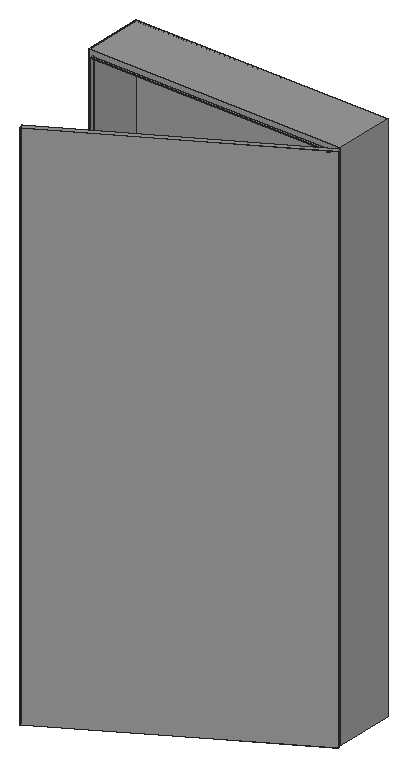
Revit family "Hager-Univers-IP44-D205-H1700-Cl.I-Encl-NoHosted-CH-en", category Equipement électrique, Revit 2020
Family settings
  Configuration du panneau = Deux colonnes, circuits au sein
  Cote de connecteur circulaire = Utiliser le diamètre
  Type d'élément = Tableau de raccordement
  Basée sur le plan de construction = Oui
  Toujours verticalement = Oui
  Couper avec des vides une fois chargée = Non
  Partagée = Non
  Point de calcul de pièce = Non
Parameters (values of type "Surface mounted (plaster) IP44 W800 H1700 D205  - FP13TN2")
  Width Control [instance] = if([EF000008 - Width] > Min Width, [EF000008 - Width], Min Width)  # 800 mm
  Commentaires du type = [HG000003 - Range]  # "Univers"
  Thickness Door [instance] = if([EF009171 - Material plate thickness door/cover] > 3 mm, 3 mm, [EF009171 - Material plate thickness door/cover])  # 1 mm
  Seal Frame Offset [instance] = 17 mm  # constant formula
  Plinth Visibility [instance] = [HG000027 - Plinth height] > 0 mm  # no
  Min Width [instance] = 100 mm  # constant formula
  Min Depth [instance] = (2 * [EF009170 - Material plate thickness cabinet]) + 1 mm  # 3 mm
  Min Height [instance] = 100 mm  # constant formula
  Internal Frame Depth [instance] = (Door System Depth * 0.5)  # 9 mm
  Panel Name [instance] = ""  # (empty or 0)
  Model = ""
  HG000027 - Plinth height = 0 mm
  HG000026 - Floor standing = no
  HG000024 - Bottom section height = 600 mm
  HG000023 - Double section enclosure = no
  HG000016 - Door 3d visibility [instance] = yes
  HG000015 - Clearance visibility [instance] = no
  HG000014 - Door on the right [instance] = yes
  HG000013 - Door on the left [instance] = not([HG000014 - Door on the right])  # no
  HG000012 - Door swing angle [instance] = 30.00°
  HG000010 - Asymmetric doors = no
  HG000009 - Double swing door = no
  HG000006 - Flush mounted = no
  HG000004 - Manufacturer reference = "FP13TN2"
  HG000003 - Range = "Univers"
  HG000002 - With door or cover = yes
  Frame Offset Bottom [instance] = 10 mm  # constant formula
  Frame Offset [instance] = 15 mm  # constant formula
  EF015940 - Cover with overpressure release = no
  EF011959 - Degree of protection (NEMA) = ""
  EF009554 - Number of openings for flange plates = 6
  EF009212 - Cover model = "EV000116 - Closed"
  EF009171 - Material plate thickness door/cover = 1 mm
  EF009170 - Material plate thickness cabinet = 1 mm
  EF008873 - Nominal current (In) = 400 A
  EF007800 - Suitable for lightning protection = no
  EF006306 - With lock = no
  EF006244 - Transparent cover/door = no
  EF005474 - Degree of protection (IP) = "EV006418 - IP44"
  EF004464 - Type of door = "EV002646 - Single"
  EF004427 - Number of modules = 396
  EF004293 - Impact strength = "EV006815 - IK09"
  EF003532 - Suitable for outdoor use = no
  EF002950 - Width in number of modular spacings = 36
  EF001613 - Circuit integrity = "EV000494 - None"
  EF001596 - Material housing = "EV000179 - Steel"
  EF001131 - Internal depth = 205 mm
  EF001088 - Extension possible = yes
  EF000437 - Number of conduit inlets = 6
  EF000339 - Type of cover = "EV001012 - Cover"
  EF000266 - Number of rows = 11
  EF000218 - Built-in depth = 205 mm
  EF000118 - With mounting plate = no
  EF000116 - RAL-number = "9010"
  EF000049 - Depth = 205 mm
  EF000040 - Height = 1700 mm
  EF000008 - Width = 800 mm
  EF000007 - Colour = "EV000202 - White"
  EF000003 - Mounting method = "EV000384 - Surface mounted (plaster)"
  Door System Leaf Tolerance [instance] = 1.5 mm  # constant formula
  Door System Depth [instance] = 18 mm  # constant formula
  Door Height [instance] = Height Control - [HG000027 - Plinth height]  # 1700 mm
  Description = ""
  Default Elevation = 1219.2 mm
  Connector Offset [instance] = Height Control / 2  # 850 mm
  Fabricant = "Hager"  # constant formula
  Height Control [instance] = if([EF000040 - Height] > Min Height, [EF000040 - Height], Min Height)  # 1700 mm
  Depth Control [instance] = if([EF000049 - Depth] > Min Depth, [EF000049 - Depth], Min Depth)  # 205 mm
  Bottom Top Plate Trim [instance] = 1.5 mm  # constant formula
  Plinth height Ctrl [instance] = if([HG000027 - Plinth height] > 0 mm, [HG000027 - Plinth height], 12 mm)  # 12 mm
Types (5, lengths in mm): name | Width Control | HG000010 - Asymmetric doors | HG000009 - Double swing door | HG000004 - Manufacturer reference | EF009554 - Number of openings for flange plates | EF008873 - Nominal current (In) | EF004464 - Type of door | EF004427 - Number of modules | EF002950 - Width in number of modular spacings | EF000437 - Number of conduit inlets | EF000008 - Width
  Surface mounted (plaster) IP44 W1050 H1700 D205  - FP14TN2 | 1050 | no | yes | "FP14TN2" | 8 | 400 A | "EV003602 - Double" | 528 | 48 | 8 | 1050
  Surface mounted (plaster) IP44 W1300 H1700 D205  - FP15TN2 | 1300 | yes | yes | "FP15TN2" | 10 | 400 A | "EV003602 - Double" | 660 | 60 | 10 | 1300
  Surface mounted (plaster) IP44 W300 H1700 D205  - FP11TN2 | 300 | no | no | "FP11TN2" | 2 | 250 A | "EV002646 - Single" | 132 | 12 | 2 | 300
  Surface mounted (plaster) IP44 W550 H1700 D205  - FP12TN2 | 550 | no | no | "FP12TN2" | 4 | 250 A | "EV002646 - Single" | 264 | 24 | 4 | 550
  Surface mounted (plaster) IP44 W800 H1700 D205  - FP13TN2 | 800 | no | no | "FP13TN2" | 6 | 400 A | "EV002646 - Single" | 396 | 36 | 6 | 800
Reference planes
  plane 1 "Center (Front/Back)": y = 0
  plane 2: z = 0
  plane 3 "Center (Left/Right)": x = 0
  plane 4: y = 0
  plane 5: y = 0
  plane 6: z = 0
  plane 7: x = -400
  plane 8: x = 400
  plane 9: x = 399
  plane 10: x = -399
  plane 11: z = 0
  plane 12: z = 1
  plane 13: y = -205
  plane 14: y = -1
  plane 15: x = 0
  plane 16: y = -187
  plane 17: y = -204
  plane 18: y = -186
  plane 19: x = -384
  plane 20: x = 384
  plane 21: z = 11
  plane 22: x = -383
  plane 23: x = 383
  plane 24: z = 0
  plane 25: z = 1700
  plane 26: z = 1700
  plane 27: z = 1684
  plane 28: z = 1699
Forms (mm)
  Extrusion 1, solid, material "Hager_Steel_RAL7035_Light_Grey", detail levels medium+fine
    sketch origin (-208.679, -4572, 0) x (-1, 0, 0) y (0, -1, 0)
      loop
        line (191.321, -4385) -> (-608.679, -4385) -> (-608.679, -4572) -> (191.321, -4572) -> (191.321, -4385)
    from 0 to 1700
  Extrusion 2, void
    sketch origin (-350.771, -205, 1219.2) x (1, 0, 0) y (0, 0, 1)
      loop
        line (-48.229, 479.8) -> (-48.229, -1218.2) -> (749.771, -1218.2) -> (749.771, 479.8) -> (-48.229, 479.8)
    from -19 to -204
  Extrusion 3, void
    sketch origin (-290.084, -187, 1219.2) x (1, 0, 0) y (0, 0, 1)
      loop
        line (-93.916, -1208.2) -> (674.084, -1208.2) -> (674.084, 464.8) -> (-93.916, 464.8) -> (-93.916, -1208.2)
    from 0 to -1
  Extrusion 4, solid, material "Hager_Steel_RAL7035_Light_Grey", visible <- "Plinth Visibility", detail levels medium+fine
    sketch origin (0, 0, 0) x (1, 0, 0) y (0, 1, 0)
      loop
        line (-400, 0) -> (-400, -187) -> (400, -187) -> (400, 0) -> (-400, 0)
    from 0 to 12 <- "Plinth height Ctrl"
  Extrusion 5, solid, material "Hager_Steel_RAL7035_Light_Grey", detail levels coarse
    sketch origin (0, 0, 0) x (1, 0, 0) y (0, 1, 0)
      loop
        line (-400, 0) -> (-400, -205) -> (400, -205) -> (400, 0) -> (-400, 0)
    from 0 to 1700 <- "Height Control"
  Sweep 6, void
    path in 3D
      loop
        line (-400, -187, 12) -> (400, -187, 12) -> (400, 0, 12) -> (-400, 0, 12) -> (-400, -187, 12)
    profile origin (-400, -93.5, 12) x (1, 0, 0) y (0, 0, 1)
      loop
        line (0, 0) -> (0, -1.5) -> (1.5, -1.5)
        arc (1.5, -1.5) -> (1.061, -0.439) -> (0, 0) r 1.5
  Extrusion 7, solid, material "Hager_Steel_RAL7035_Light_Grey", detail levels fine
    sketch origin (-400, -187, 0) x (1, 0, 0) y (0, 0, 1)
      loop
        line (16, 11) -> (784, 11) -> (784, 1684) -> (16, 1684) -> (16, 11)
      loop
        line (15, 10) -> (785, 10) -> (785, 1685) -> (15, 1685) -> (15, 10)
    from 0 to 9 <- "Internal Frame Depth"
Cuts and joins
  Extrusion 2, Extrusion 3 cuts Extrusion 1
  Sweep 6 cuts Extrusion 4
Lines and regions (mm)
  Masking region 1
    outline origin (0, 0, 0) x (1, 0, 0) y (0, 1, 0)
      loop
        line (-400, 0) -> (-400, -205) -> (400, -205) -> (400, 0) -> (-400, 0)
  Masking region 2, detail levels coarse
    outline origin (-290.084, -187, 1219.2) x (-1, 0, 0) y (0, 0, 1)
      loop
        line (-690.084, -1219.2) -> (109.916, -1219.2) -> (109.916, 480.8) -> (-690.084, 480.8) -> (-690.084, -1219.2)
  Masking region 3, detail levels coarse
    outline origin (0, 0, 0) x (0, 1, 0) y (0, 0, 1)
      loop
        line (0, 0) -> (0, 1700) -> (-205, 1700) -> (-205, 0) -> (0, 0)
  Masking region 4, visible <- "Plinth Visibility", detail levels medium+fine
    outline origin (0, 0, 0) x (0, 1, 0) y (0, 0, 1)
      loop
        line (-1.5, 12) -> (-185.5, 12)
        arc (-185.5, 12) -> (-185.939, 10.939) -> (-187, 10.5) r 1.5
        line (-187, 10.5) -> (-187, 0) -> (0, 0) -> (0, 10.5)
        arc (0, 10.5) -> (-1.061, 10.939) -> (-1.5, 12) r 1.5
  Masking region 5, detail levels medium+fine
    outline origin (0, 0, 594.038) x (0, 1, 0) y (0, 0, 1)
      loop
        line (0, -594.038) -> (0, 1105.962) -> (-187, 1105.962) -> (-187, -594.038) -> (0, -594.038)
  Masking region 6, detail levels medium+fine
    outline origin (-359.7, -187, 1211.883) x (-1, 0, 0) y (0, 0, 1)
      loop
        line (-759.7, -1211.883) -> (40.3, -1211.883) -> (40.3, 488.117) -> (-759.7, 488.117) -> (-759.7, -1211.883)
  Masking region 7, visible <- "Plinth Visibility", detail levels medium+fine
    outline origin (-320.334, -187, 1041.368) x (-1, 0, 0) y (0, 0, 1)
      loop
        line (-720.334, -1041.368) -> (79.666, -1041.368) -> (79.666, -1030.868)
        arc (79.666, -1030.868) -> (78.606, -1030.429) -> (78.166, -1029.368) r 1.5
        line (78.166, -1029.368) -> (-718.834, -1029.368)
        arc (-718.834, -1029.368) -> (-719.273, -1030.429) -> (-720.334, -1030.868) r 1.5
        line (-720.334, -1030.868) -> (-720.334, -1041.368)
  sketch lines
    curve 1: line (-400, 0, 12) -> (-400, -187, 12)
    curve 2: line (-400, -187, 12) -> (400, -187, 12)
    curve 3: line (400, 0, 12) -> (-400, 0, 12)
    curve 4: line (400, -187, 12) -> (400, 0, 12)
Dimensions and locks
  locked: plane 1 "Center (Front/Back)" to plane 5
  "EF009170 - Material plate thickness cabinet": plane 7 to plane 10
  "EF009170 - Material plate thickness cabinet": plane 8 to plane 9
  equal spacing: plane 7, plane 3 "Center (Left/Right)", plane 8
  "Width Control": plane 7 to plane 8
  "Depth Control": plane 4 to plane 13
  "EF009170 - Material plate thickness cabinet": plane 4 to plane 14
  "Height Control": plane 25 to level
  "HG000027 - Plinth height": plane 11 to level
  "EF009170 - Material plate thickness cabinet": plane 12 to plane 11
  "EF009170 - Material plate thickness cabinet": plane 17 to plane 13
  "EF009170 - Material plate thickness cabinet": plane 18 to plane 16
  "Frame Offset Bottom": plane 21 to plane 12
  "Frame Offset": plane 10 to plane 19
  "Frame Offset": plane 9 to plane 20
  "Door System Depth": plane 16 to plane 13
  "Seal Frame Offset": plane 7 to plane 22
  "Seal Frame Offset": plane 8 to plane 23
  "EF009170 - Material plate thickness cabinet": plane 26 to plane 28
  "Frame Offset": plane 28 to plane 27
  "Connector Offset": plane 2 to connector elem
  "Bottom Top Plate Trim": profile plane to Sweep 6 sketch curve
  "Bottom Top Plate Trim": Sweep 6 sketch curve to Sweep 6 sketch curve
  "Plinth height Ctrl": Masking region 4 sketch curve to level
  "Plinth height Ctrl": Masking region 7 sketch curve to level
  "Thickness Door": Extrusion 7 sketch curve to Extrusion 7 sketch curve  (x4)
  "Bottom Top Plate Trim": radius of Sweep 6 sketch curve
  "Bottom Top Plate Trim": radius of Masking region 4 sketch curve  (x2)
  "Bottom Top Plate Trim": radius of Masking region 7 sketch curve  (x2)
  aligned and locked: Extrusion 2 sketch curve to plane 12
  aligned and locked: Extrusion 2 sketch curve to plane 9
  aligned and locked: Extrusion 2 sketch curve to plane 10
  aligned and locked: Extrusion 2 to plane 14
  aligned and locked: Extrusion 1 sketch curve to plane 4
  aligned and locked: plane 8 to Extrusion 1 sketch curve
  aligned and locked: plane 7 to Extrusion 1 sketch curve
  aligned and locked: Extrusion 2 to plane 18
  aligned and locked: Extrusion 3 sketch curve to plane 19
  aligned and locked: plane 20 to Extrusion 3 sketch curve
  aligned and locked: Extrusion 3 to Extrusion 2
  aligned and locked: Extrusion 3 sketch curve to plane 21
  aligned and locked: plane 3 "Center (Left/Right)" to nested 1
  aligned and locked: Extrusion 1 sketch curve to plane 16
  aligned and locked: Extrusion 4 sketch curve to cut or joined group of Extrusion 1, Extrusion 2, Extrusion 3
  aligned and locked: Masking region 1 sketch curve to plane 7
  aligned and locked: Masking region 1 sketch curve to plane 5
  aligned and locked: Masking region 1 sketch curve to plane 8
  aligned and locked: Masking region 2 sketch curve to level
  aligned and locked: level to Masking region 3 sketch curve
  aligned and locked: plane 1 "Center (Front/Back)" to Masking region 3 sketch curve
  aligned and locked: plane 13 to Masking region 3 sketch curve
  aligned and locked: plane 5 to Masking region 4 sketch curve
  aligned and locked: Masking region 2 sketch curve to plane 8
  aligned and locked: Masking region 2 sketch curve to plane 7
  aligned and locked: plane 7 to nested 2
  aligned and locked: nested 2 to plane 5
  aligned and locked: plane 5 to Masking region 5 sketch curve
  aligned and locked: plane 26 to Masking region 5 sketch curve
  aligned and locked: Extrusion 5 sketch curve to plane 8
  aligned and locked: Extrusion 5 sketch curve to plane 7
  aligned and locked: Extrusion 5 sketch curve to plane 5
  aligned and locked: Extrusion 3 sketch curve to plane 27
  aligned and locked: Extrusion 2 sketch curve to plane 28
  aligned and locked: Masking region 2 to plane 25
  aligned and locked: Extrusion 4 to plane 16
  aligned and locked: profile plane to Sweep 6 sketch curve
  aligned and locked: Masking region 5 sketch curve to plane 24
  aligned and locked: level to Masking region 4 sketch curve
  aligned and locked: Masking region 1 to plane 13
  aligned and locked: nested 1 to plane 16
  aligned and locked: Masking region 3 to plane 25
  aligned and locked: plane 16 to Masking region 4 sketch curve
  aligned and locked: Masking region 5 sketch curve to plane 16
  aligned and locked: plane 24 to plane 11
  aligned and locked: plane 26 to plane 25
  aligned and locked: plane 26 to cut or joined group of Extrusion 1, Extrusion 2, Extrusion 3
  aligned and locked: nested 1 to plane 24
  aligned and locked: Extrusion 1 to Extrusion 3
  aligned and locked: Masking region 6 sketch curve to plane 8
  aligned and locked: Masking region 6 sketch curve to plane 24
  aligned and locked: Masking region 6 sketch curve to plane 7
  aligned and locked: Masking region 6 sketch curve to plane 26
  aligned and locked: Masking region 7 sketch curve to plane 7
  aligned and locked: level to Masking region 7 sketch curve
  aligned and locked: Masking region 7 sketch curve to plane 8
  aligned and locked: Extrusion 7 sketch curve to cut or joined group of Extrusion 1, Extrusion 2, Extrusion 3  (x4)
Automatic sketch dimensions
  plane 19 to Extrusion 3 sketch curve = 0 mm
  Extrusion 3 sketch curve to plane 20 = 0 mm
  Extrusion 3 sketch curve to plane 21 = 0 mm
  Extrusion 4 sketch curve to plane 7 = 0 mm
  Extrusion 4 sketch curve to plane 8 = 0 mm
  Extrusion 4 sketch curve to plane 16 = 0 mm
  Masking region 1 sketch curve to plane 13 = 0 mm
  Masking region 2 sketch curve to plane 25 = 0 mm
  Masking region 3 sketch curve to plane 25 = 0 mm
  Extrusion 5 sketch curve to plane 13 = 0 mm
  profile plane to Sweep 6 sketch curve = 0 mm
Nested families
  nested 1: "EC000058_Univers_Door" at (0, -187, 0), Double <- "HG000009 - Double swing door", Transparent <- "EF006244 - Transparent cover/door", Angle <- "HG000012 - Door swing angle", Door_Right <- "HG000014 - Door on the right", Assymetrical <- "HG000010 - Asymmetric doors", Door <- "HG000002 - With door or cover", Width_Ctrl <- "Width Control", 3d_Door <- "HG000016 - Door 3d visibility", Clearance <- "HG000015 - Clearance visibility", Door_Left <- "HG000013 - Door on the left", Width <- "Width Control", Door_Depth <- "Door System Depth", Leaf_Tolerance <- "Door System Leaf Tolerance", Height <- "Door Height", Lock_Visibility <- "EF006306 - With lock", Thickness <- "Thickness Door", type "EC000058_Univers_Door", detail levels medium+fine
    with min_wh 3 mm, Width_Ctrl 800 mm, Width 800 mm, Transparent no, Thickness 1 mm, Seal_Material Hager_Rubber, Lock_Visibility no, Lock_Material Hager_Plastic_RAL9005_Jet_Black, Leaf_Width 800 mm, Leaf_Tolerance_External_Sides 0 mm, Leaf_Tolerance 1.5 mm, Leaf_Offset 0 mm, Leaf_Height 1697 mm, Leaf_2_Width 800 mm, Leaf_2_Offset 400 mm, Leaf_1_Width 800 mm, Leaf_1_Offset 400 mm, Height_Ctrl 1700 mm, Height 1700 mm, Glass_Material Hager_Glass, Double_Clearance_Ctrl no, Double no, Door_Right_Ctrl yes, Door_Right yes, Door_Material Hager_Steel_RAL7035_Light_Grey, Door_Left_Ctrl no, Door_Left no, Door_Depth 18 mm, Door yes, Clearance_Material Hager_Clearance, Clearance_Depth 800 mm, Clearance_Ctrl no, Clearance no, Assymetrical no, Angle 30.00°, 3d_Door yes
  nested 2: "Hager_Enclosure_Symbol" at (-400, 0, 0), Height <- "Depth Control", Width <- "Width Control", type "Hager_Enclosure_Symbol"
    with Width_Ctrl 800 mm, Width 800 mm, Height_Ctrl 205 mm, Height 205 mm, A_Width_Int 13.453 mm, A_Width 161.438 mm, A_Height_Ctrl 179.375 mm, A_Height 179.375 mm
Connectors
  electrical at (0, 0, 850)
    settings: on plane 1 "Center (Front/Back)", index 1, voltage 0 V, apparent load 0 VA, apparent load phase1 0 VA, apparent load phase2 0 VA, apparent load phase3 0 VA, power factor 1, load classification "Other", number of poles 1, system type 30, power factor state 1, is connector primary yes, connector utility no, sub classification motor no, connector description ""
Definition of nested family "EC000058_Univers_Door"
  Parameters (values of type "EC000058_Univers_Door")
    min_wh [instance] = (2 * Thickness) + 1 mm  # 11 mm
    Width_Ctrl [instance] = 400 mm
    Width [instance] = 500 mm
    Transparent [instance] = yes
    Thickness [instance] = 5 mm
    Seal_Material [instance] = none
    Lock_Visibility [instance] = yes
    Lock_Material [instance] = none
    Leaf_Width [instance] = if((Width_Ctrl - 2 * Leaf_Tolerance_External_Sides) > 0 mm, (Width_Ctrl - 2 * Leaf_Tolerance_External_Sides), min_wh)  # 400 mm
    Leaf_Tolerance_External_Sides [instance] = 0 mm  # constant formula
    Leaf_Tolerance [instance] = 1.5 mm
    Leaf_Offset [instance] = 0 mm  # constant formula
    Leaf_Height [instance] = if((Height_Ctrl - 2 * Leaf_Tolerance) > 0 mm, (Height_Ctrl - 2 * Leaf_Tolerance), min_wh)  # 497 mm
    Leaf_2_Width [instance] = if(and(and(Double, Assymetrical), Door_Left), (Leaf_Width / 3) - (Leaf_Tolerance / 2), if(and(and(Double, Assymetrical), Door_Right), (Leaf_Width / 3) * 2 - (Leaf_Tolerance / 2), if(and(Double, not(Assymetrical)), (Leaf_Width / 2) - Leaf_Tolerance, Leaf_Width)))  # 400 mm
    Leaf_2_Offset [instance] = if(and(Double, Assymetrical), Leaf_2_Width / 2, if(and(Double, not(Assymetrical)), Leaf_Width / 4, Leaf_Width / 2))  # 200 mm
    Leaf_1_Width [instance] = if(and(and(Double, Assymetrical), Door_Right), (Leaf_Width / 3) - (Leaf_Tolerance / 2), if(and(and(Double, Assymetrical), Door_Left), (Width / 3) * 2 - (Leaf_Tolerance / 2), if(and(Double, not(Assymetrical)), (Leaf_Width / 2) - Leaf_Tolerance, Leaf_Width)))  # 400 mm
    Leaf_1_Offset [instance] = if(and(Double, Assymetrical), Leaf_1_Width / 2, if(and(Double, not(Assymetrical)), Leaf_Width / 4, Leaf_Width / 2))  # 200 mm
    Height_Ctrl [instance] = if(Height > min_wh, Height, min_wh)  # 500 mm
    Height [instance] = 500 mm
    Glass_Material [instance] = none
    Double_Clearance_Ctrl [instance] = and(Double, Clearance)  # no
    Double [instance] = no
    Door_Right_Ctrl [instance] = and(or(Door_Right, Double), Door)  # yes
    Door_Right [instance] = yes
    Door_Material [instance] = none
    Door_Left_Ctrl [instance] = and(or(Door_Left, Double), Door)  # no
    Door_Left [instance] = no
    Door_Depth [instance] = 30 mm
    Door [instance] = yes
    Default Elevation = 1219.2 mm
    Clearance_Material [instance] = none
    Clearance_Depth [instance] = if(Leaf_1_Width > Leaf_2_Width, Leaf_1_Width, Leaf_2_Width)  # 400 mm
    Clearance_Ctrl [instance] = and(not(Double), Clearance)  # yes
    Clearance [instance] = yes
    Assymetrical [instance] = yes
    Angle [instance] = 30.00°
    3d_Door [instance] = yes
  Reference planes
    plane 1 "Center (Front/Back)": y = 0
    plane 2 "Bottom": z = 0
    plane 3 "Center (Left/Right)": x = 0
    plane 4: z = 500
    plane 5: x = -200
    plane 6: x = 200
    plane 7: z = 500
    plane 8: x = -200
    plane 9: z = 0
    plane 10: x = 200
    plane 11: y = 0
    plane 12: z = 1.5
    plane 13: x = -600
    plane 14: y = -400
    plane 15: x = 600
    plane 16: x = 0
    plane 17: x = 0
    plane 18: x = -200
    plane 19: x = 200
    plane 20: z = 498.5
  Forms (mm)
    Extrusion 1, solid, material <- "Clearance_Material", visible <- "Double_Clearance_Ctrl"
      sketch origin (1200, 0, 0) x (1, 0, 0) y (0, 0, -1)
        loop
          line (-1800, -498.5) -> (-600, -498.5) -> (-600, 0) -> (-1800, 0) -> (-1800, -498.5)
      from 0 to -400
  Dimensions and locks
    equal spacing: plane 5, plane 3 "Center (Left/Right)", plane 6
    "Width_Ctrl": plane 5 to plane 6
    "Leaf_Offset": plane 5 to plane 8
    "Leaf_Offset": plane 6 to plane 10
    "Leaf_Offset": plane 9 to level
    "Leaf_Offset": plane 4 to plane 7
    "Height_Ctrl": plane 4 to level
    "Leaf_Tolerance": plane 12 to plane 9
    locked: plane 11 to plane 1 "Center (Front/Back)"
    "Leaf_1_Offset": plane 18 to plane 16
    "Leaf_2_Offset": plane 17 to plane 19
    "Leaf_1_Width": plane 13 to plane 8
    "Leaf_2_Width": plane 10 to plane 15
    "Clearance_Depth": plane 14 to plane 1 "Center (Front/Back)"
    "Leaf_Tolerance_External_Sides": plane 8 to plane 18
    "Leaf_Tolerance_External_Sides": plane 19 to plane 10
    "Leaf_Tolerance": plane 7 to plane 20
    aligned and locked: level to plane 2 "Bottom"
    aligned and locked: nested 1 to plane 16
    aligned and locked: nested 2 to plane 17
    aligned and locked: Extrusion 1 to plane 13
    aligned and locked: plane 15 to Extrusion 1
    aligned and locked: Extrusion 1 to plane 14
    aligned and locked: plane 12 to nested 1
    aligned and locked: nested 2 to plane 12
    aligned and locked: Extrusion 1 to plane 11
    aligned and locked: plane 20 to Extrusion 1
    aligned and locked: nested 2 to plane 11
    aligned and locked: nested 1 to plane 11
  Automatic sketch dimensions
    Extrusion 1 sketch curve to level = 0 mm
    plane 5 to Extrusion 1 sketch curve = 400 mm
    plane 6 to Extrusion 1 sketch curve = 400 mm
    Extrusion 1 sketch curve to plane 4 = 1.5 mm
  Nested families
    nested 1: "EC000058_Univers_Door_Leaf" at (0, 0, 1.5), Width <- "Leaf_1_Width", visible <- "Door_Left_Ctrl", Leaf_Height <- "Leaf_Height", Angle <- "Angle", 3d_Door <- "3d_Door", Transparent <- "Transparent", Clearance Material <- "Clearance_Material", Clearance <- "Clearance_Ctrl", Door_Material <- "Door_Material", Glass_Material <- "Glass_Material", Door_Depth <- "Door_Depth", Lock_Material <- "Lock_Material", Seal_Material <- "Seal_Material", Lock_Visibility <- "Lock_Visibility", Thickness <- "Thickness", type "EC000058_Univers_Door_Leaf"
      with Width 400 mm, Transparent_Glass_Offset 30 mm, Transparent_Ctrl yes, Transparent yes, Thickness 5 mm, Standard no, Seal_Material none, Seal_D2 8 mm, Seal_D1 1 mm, Offset_Internal_Frame 10 mm, Lock_Width 20 mm, Lock_Visibility_3d yes, Lock_Visibility yes, Lock_Thickness_3 3 mm, Lock_Thickness_2 1 mm, Lock_Thickness_1 3 mm, Lock_Radius_Offset_2 16 mm, Lock_Radius_Offset_1 15 mm, Lock_Radius_2 5 mm, Lock_Radius 6 mm, Lock_Offset 5 mm, Lock_Material none, Lock_Height 80 mm, Lock_Cover_Top_Offset_2d 17 mm, Lock_Cover_Height -65 mm, Leaf_Height 497 mm, Internal_Seal_Thickness 8 mm, Internal_Seal_Depth_2 4.5 mm, Internal_Frame_Depth 25 mm, Glass_Thickness -1 mm, Glass_Offset -2 mm, Glass_Material none, Door_Material none, Door_Depth 30 mm, Clearance Material none, Clearance yes, Angle_Ctrl 30.00°, Angle 30.00°, 3d_Door yes
    nested 2: "EC000058_Univers_Door_Leaf" at (0, 0, 1.5) x (-1, 0, 0) z (0, 0, 1), Width <- "Leaf_2_Width", visible <- "Door_Right_Ctrl", Leaf_Height <- "Leaf_Height", Angle <- "Angle", 3d_Door <- "3d_Door", Transparent <- "Transparent", Clearance Material <- "Clearance_Material", Clearance <- "Clearance_Ctrl", Door_Material <- "Door_Material", Glass_Material <- "Glass_Material", Door_Depth <- "Door_Depth", Lock_Material <- "Lock_Material", Seal_Material <- "Seal_Material", Lock_Visibility <- "Lock_Visibility", Thickness <- "Thickness", type "EC000058_Univers_Door_Leaf"
      with Width 400 mm, Transparent_Glass_Offset 30 mm, Transparent_Ctrl yes, Transparent yes, Thickness 5 mm, Standard no, Seal_Material none, Seal_D2 8 mm, Seal_D1 1 mm, Offset_Internal_Frame 10 mm, Lock_Width 20 mm, Lock_Visibility_3d yes, Lock_Visibility yes, Lock_Thickness_3 3 mm, Lock_Thickness_2 1 mm, Lock_Thickness_1 3 mm, Lock_Radius_Offset_2 16 mm, Lock_Radius_Offset_1 15 mm, Lock_Radius_2 5 mm, Lock_Radius 6 mm, Lock_Offset 5 mm, Lock_Material none, Lock_Height 80 mm, Lock_Cover_Top_Offset_2d 17 mm, Lock_Cover_Height -65 mm, Leaf_Height 497 mm, Internal_Seal_Thickness 8 mm, Internal_Seal_Depth_2 4.5 mm, Internal_Frame_Depth 25 mm, Glass_Thickness -1 mm, Glass_Offset -2 mm, Glass_Material none, Door_Material none, Door_Depth 30 mm, Clearance Material none, Clearance yes, Angle_Ctrl 30.00°, Angle 30.00°, 3d_Door yes
  Definition of nested family "EC000058_Univers_Door_Leaf"
    Parameters (values of type "EC000058_Univers_Door_Leaf")
      Width [instance] = 2000 mm
      Transparent_Glass_Offset [instance] = 30 mm
      Transparent_Ctrl [instance] = and(Transparent, [3d_Door])  # yes
      Transparent [instance] = yes
      Thickness [instance] = 5 mm
      Standard [instance] = and(not(Transparent), [3d_Door])  # no
      Seal_Material [instance] = none
      Seal_D2 [instance] = 8 mm  # constant formula
      Seal_D1 [instance] = 1 mm  # constant formula
      Offset_Internal_Frame [instance] = 10 mm  # constant formula
      Lock_Width [instance] = 20 mm  # constant formula
      Lock_Visibility_3d [instance] = and(Lock_Visibility, [3d_Door])  # yes
      Lock_Visibility [instance] = yes
      Lock_Thickness_3 [instance] = 3 mm  # constant formula
      Lock_Thickness_2 [instance] = 1 mm  # constant formula
      Lock_Thickness_1 [instance] = 3 mm  # constant formula
      Lock_Radius_Offset_2 [instance] = Lock_Radius_Offset_1 + 1 mm  # 16 mm
      Lock_Radius_Offset_1 [instance] = 15 mm  # constant formula
      Lock_Radius_2 [instance] = Lock_Radius - 1 mm  # 5 mm
      Lock_Radius [instance] = 6 mm  # constant formula
      Lock_Offset [instance] = 5 mm  # constant formula
      Lock_Material [instance] = none
      Lock_Height [instance] = 80 mm  # constant formula
      Lock_Cover_Top_Offset_2d [instance] = Lock_Radius_Offset_2 + 1 mm  # 17 mm
      Lock_Cover_Height [instance] = -(Lock_Height - Lock_Radius_Offset_1)  # -65 mm
      Leaf_Height [instance] = 2720.336 mm
      Internal_Seal_Thickness [instance] = 8 mm  # constant formula
      Internal_Seal_Depth_2 [instance] = 4.5 mm  # constant formula
      Internal_Frame_Depth [instance] = if(Door_Depth - Thickness > 5 mm, Door_Depth - Thickness, 5 mm)  # 25 mm
      Glass_Thickness [instance] = if(Thickness > 15 mm, Glass_Offset + 10 mm, -1 mm)  # -1 mm
      Glass_Offset [instance] = if(Thickness > 15 mm, -(Thickness + 10 mm) / 2, -2 mm)  # -2 mm
      Glass_Material [instance] = none
      Door_Material [instance] = none
      Door_Depth [instance] = 30 mm
      Default Elevation = 0 mm
      Clearance Material [instance] = none
      Clearance [instance] = yes
      Angle_Ctrl [instance] = if(Angle > 180.00°, 180.00°, Angle)  # 90.00°
      Angle [instance] = 90.00°
      3d_Door [instance] = yes
    Reference planes
      plane 1 "Center (Front/Back)": y = 0
      plane 2: z = 0
      plane 3 "Center (Left/Right)": x = 0
      plane 4: y = 2000
      plane 5: x = -1000
      plane 6: x = 1000
      plane 7: x = -3000
      plane 8: z = 2720.336
      plane 9: z = 30
      plane 10: z = 2690.336
      plane 11: x = 970
      plane 12: x = -970
      plane 13: y = -3
      plane 14: z = 107.833
      plane 15: y = -5
      plane 16: y = -223.314
      plane 17: x = -1000
      plane 18: z = 1360.168
      plane 19: y = 30
    Forms (mm)
      Extrusion 1, solid, material <- "Clearance Material", visible <- "Clearance"
        sketch origin (0, 0, 0) x (1, 0, 0) y (0, 0, 1)
          loop
            line (-3000, 2720.336) -> (-3000, 0) -> (1000, 0) -> (1000, 2720.336) -> (-3000, 2720.336)
        from 0 to -2000
      Extrusion 2, solid, material <- "Door_Material", visible <- "Standard", detail levels medium+fine
        sketch origin (-1000, 0, 0) x (0, 1, 0) y (-1, 0, 0)
          loop
            line (0, 30) -> (0, 25) -> (2000, 25) -> (2000, 30) -> (0, 30)
        from 0 to 2720.336 <- "Leaf_Height"
      Extrusion 3, solid, material <- "Door_Material", visible <- "Transparent_Ctrl", detail levels medium+fine
        sketch origin (-1000, 0, 0) x (0, 1, 0) y (-1, 0, 0)
          loop
            line (0, 25) -> (2000, 25) -> (2000, 30) -> (0, 30) -> (0, 25)
        from 0 to 2720.336 <- "Leaf_Height"
      Extrusion 4, void
        sketch origin (-1025, 2000, 0) x (0, 1, 0) y (0, 0, -1)
          loop
            line (-30, -2690.336) -> (-30, -30) -> (-1970, -30) -> (-1970, -2690.336) -> (-30, -2690.336)
        from 0 to 5 <- "Thickness"
      Sweep 5, solid, material <- "Seal_Material", visible <- "Transparent_Ctrl", detail levels fine
        path in 3D
          loop
            line (-1025, 30, 30) -> (-1025, 30, 2690.336) -> (-1025, 1970, 2690.336) -> (-1025, 1970, 30) -> (-1025, 30, 30)
        profile origin (-1025, 1000, 30) x (1, 0, 0) y (0, 0, 1)
          loop
            line (0, 0) -> (0, -8) -> (1, -8) -> (1, 0) -> (0, 0)
      Extrusion 6, solid, material <- "Glass_Material", visible <- "Transparent_Ctrl", detail levels medium+fine
        sketch origin (-1030, 0, 0) x (0, 1, 0) y (0, 0, -1)
          loop
            line (1970, -2690.336) -> (1970, -30) -> (30, -30) -> (30, -2690.336) -> (1970, -2690.336)
        from -2 <- "Glass_Offset" to -1 <- "Glass_Thickness"
      Extrusion 7, solid, material <- "Door_Material", visible <- "3d_Door", detail levels medium+fine
        sketch origin (-1025, 2000, 0) x (0, -1, 0) y (0, 0, -1)
          loop
            line (0, -2720.336) -> (2000, -2720.336) -> (2000, 0) -> (0, 0) -> (0, -2720.336)
          loop
            line (1995, -5) -> (5, -5) -> (5, -2715.336) -> (1995, -2715.336) -> (1995, -5)
        from 0 to 25 <- "Internal_Frame_Depth"
      Sweep 8, solid, material <- "Seal_Material", visible <- "Transparent_Ctrl", detail levels fine
        path in 3D
          loop
            line (-1025, 0, 0) -> (-1025, 2000, 0) -> (-1025, 2000, 2720.336) -> (-1025, 0, 2720.336) -> (-1025, 0, 0)
        profile origin (-1025, 0, 1360.168) x (1, 0, 0) y (0, 1, 0)
          loop
            line (0, 10) -> (2.975, 10)
            arc (2.975, 10) -> (4.053, 10.447) -> (4.5, 11.525) r 1.525
            line (4.5, 11.525) -> (4.5, 16.527)
            arc (4.5, 16.527) -> (4.069, 17.569) -> (3.027, 18) r 1.473
            line (3.027, 18) -> (0, 18) -> (0, 10)
      Extrusion 9, solid, material <- "Lock_Material", visible <- "Lock_Visibility_3d", detail levels fine
        sketch origin (-1030, 0, 0) x (0, 1, 0) y (0, 0, -1)
          loop
            arc (1993.5, -1400.168) -> (1994.561, -1399.729) -> (1995, -1398.668) r 1.5
            line (1995, -1398.668) -> (1995, -1320.168) -> (1975, -1320.168) -> (1975, -1398.668)
            arc (1975, -1398.668) -> (1975.439, -1399.729) -> (1976.5, -1400.168) r 1.5
            line (1976.5, -1400.168) -> (1993.5, -1400.168)
        from 3 <- "Lock_Thickness_1" to 0
      Blend 10, solid, material <- "Lock_Material", visible <- "Lock_Visibility_3d", detail levels fine
        base sketch origin (-1033, 0, 0) x (0, 1, 0) y (0, 0, -1)
          loop
            line (1975, -1320.168) -> (1975, -1398.668)
            arc (1975, -1398.668) -> (1975.439, -1399.729) -> (1976.5, -1400.168) r 1.5
            line (1976.5, -1400.168) -> (1993.5, -1400.168)
            arc (1993.5, -1400.168) -> (1994.561, -1399.729) -> (1995, -1398.668) r 1.5
            line (1995, -1398.668) -> (1995, -1320.168) -> (1975, -1320.168)
        top sketch origin (-1033, 0, 0) x (0, 1, 0) y (0, 0, -1)
          loop
            line (1976, -1320.168) -> (1976, -1398.668)
            arc (1976, -1398.668) -> (1976.146, -1399.022) -> (1976.5, -1399.168) r 0.5
            line (1976.5, -1399.168) -> (1993.5, -1399.168)
            arc (1993.5, -1399.168) -> (1993.854, -1399.022) -> (1994, -1398.668) r 0.5
            line (1994, -1398.668) -> (1994, -1320.168) -> (1976, -1320.168)
        from 0 to 1 <- "Lock_Thickness_2"
      Blend 11, solid, material <- "Lock_Material", visible <- "Lock_Visibility_3d", detail levels fine
        base sketch origin (-1034, 0, 0) x (0, 1, 0) y (0, 0, -1)
          loop
            line (1978, -1320.168) -> (1978, -1384.168)
            arc (1978, -1384.168) -> (1985, -1391.168) -> (1992, -1384.168) r 7
            line (1992, -1384.168) -> (1992, -1320.168) -> (1978, -1320.168)
        top sketch origin (-1034, 0, 0) x (0, 1, 0) y (0, 0, -1)
          loop
            line (1991, -1320.168) -> (1979, -1320.168) -> (1979, -1383.168)
            arc (1979, -1383.168) -> (1985, -1389.168) -> (1991, -1383.168) r 6
            line (1991, -1383.168) -> (1991, -1320.168)
        from 0 to 3 <- "Lock_Thickness_3"
      Extrusion 12, solid, material <- "Lock_Material", visible <- "Lock_Visibility_3d", detail levels fine
        sketch origin (-1030, 1975, 1320.168) x (1, 0, 0) y (0, -1, 0)
          loop
            line (-7, -19) -> (-7, -1) -> (0, -1) -> (0, 0) -> (-8, 0) -> (-8, -20) -> (0, -20) -> (0, -19) -> (-7, -19)
        from 0 to -65 <- "Lock_Cover_Height"
      Extrusion 13, void
        sketch origin (-1038, 1995, 1320.168) x (-1, 0, 0) y (0, 0, -1)
          loop
            line (-5, -65) -> (0, -65) -> (-5, -60) -> (-5, -65)
        from 0 to 20 <- "Lock_Width"
      Extrusion 14, void
        sketch origin (-1038, 1975, 1320.168) x (0, -1, 0) y (0, 0, -1)
          loop
            circle (-10, -15.995) r 6
          loop
            circle (-10, -15.995) r 5
        from 0 to 2
      Extrusion 15, solid, material <- "Lock_Material", visible <- "Lock_Visibility_3d", detail levels medium
        sketch origin (-1030, 0, 0) x (0, 1, 0) y (0, 0, -1)
          loop
            arc (1993.5, -1400.168) -> (1994.561, -1399.729) -> (1995, -1398.668) r 1.5
            line (1995, -1398.668) -> (1995, -1320.168) -> (1975, -1320.168) -> (1975, -1398.668)
            arc (1975, -1398.668) -> (1975.439, -1399.729) -> (1976.5, -1400.168) r 1.5
            line (1976.5, -1400.168) -> (1993.5, -1400.168)
        from 8 to 0
    Cuts and joins
      Extrusion 4 cuts Extrusion 3
      Extrusion 13, Extrusion 14 cuts Extrusion 9
      Extrusion 14 cuts Blend 11
      Extrusion 13, Extrusion 14 cuts Extrusion 12
      joined: Extrusion 9, Blend 10, Blend 11, Extrusion 12
      Extrusion 14 cuts Extrusion 15
    Lines and regions (mm)
      Masking region 1, visible <- "Lock_Visibility", detail levels fine
        outline origin (0, 0, 0) x (0, 1, 0) y (0, 0, 1)
          loop
            line (30, 1320.168) -> (33, 1320.168) -> (33, 1400.168) -> (30, 1400.168) -> (30, 1320.168)
      Masking region 2, visible <- "Lock_Visibility", detail levels fine
        outline origin (0, 3.143, 0) x (0, 1, 0) y (0, 0, 1)
          loop
            line (29.857, 1354.168) -> (30.857, 1354.168) -> (30.857, 1366.168) -> (29.857, 1366.168) -> (29.857, 1354.168)
      Masking region 3, detail levels medium+fine
        outline origin (0, 0, 0) x (0, 1, 0) y (0, 0, 1)
          loop
            line (0, 0) -> (30, 0) -> (30, 2720.336) -> (0, 2720.336) -> (0, 0)
      Masking region 4, detail levels medium+fine
        outline origin (0, 0, 0) x (1, 0, 0) y (0, 0, 1)
          loop
            line (-1000, 2720.336) -> (-1000, 0) -> (1000, 0) -> (1000, 2720.336) -> (-1000, 2720.336)
      Masking region 5, visible <- "Lock_Visibility", detail levels fine
        outline origin (-47.116, 0, 0) x (1, 0, 0) y (0, 0, 1)
          loop
            arc (1024.616, 1399.168) -> (1023.556, 1398.729) -> (1023.116, 1397.668) r 1.5
            line (1023.116, 1397.668) -> (1023.116, 1320.168) -> (1041.116, 1320.168) -> (1041.116, 1397.668)
            arc (1041.116, 1397.668) -> (1040.677, 1398.729) -> (1039.616, 1399.168) r 1.5
            line (1039.616, 1399.168) -> (1024.616, 1399.168)
      Masking region 6, visible <- "Lock_Visibility", detail levels medium+fine
        outline origin (-25, 0, 0) x (1, 0, 0) y (0, 0, 1)
          loop
            arc (1001.5, 1400.168) -> (1000.439, 1399.729) -> (1000, 1398.668) r 1.5
            line (1000, 1398.668) -> (1000, 1320.168) -> (1020, 1320.168) -> (1020, 1398.668)
            arc (1020, 1398.668) -> (1019.561, 1399.729) -> (1018.5, 1400.168) r 1.5
            line (1018.5, 1400.168) -> (1001.5, 1400.168)
      Masking region 7, visible <- "Lock_Visibility", detail levels fine
        outline origin (-73.735, 0, 0) x (1, 0, 0) y (0, 0, 1)
          loop
            line (1051.735, 1382.168) -> (1065.735, 1382.168) -> (1065.735, 1384.168)
            arc (1065.735, 1384.168) -> (1058.735, 1391.168) -> (1051.735, 1384.168) r 7
            line (1051.735, 1384.168) -> (1051.735, 1382.168)
      Masking region 8, visible <- "Lock_Visibility", detail levels fine
        outline origin (-73.735, 0, 0) x (1, 0, 0) y (0, 0, 1)
          loop
            line (1052.735, 1382.168) -> (1064.735, 1382.168) -> (1064.735, 1383.168)
            arc (1064.735, 1383.168) -> (1058.735, 1389.168) -> (1052.735, 1383.168) r 6
            line (1052.735, 1383.168) -> (1052.735, 1382.168)
      Masking region 9, visible <- "Lock_Visibility", detail levels fine
        outline origin (-25, 0, 0) x (1, 0, 0) y (0, 0, 1)
          loop
            line (1020, 1320.168) -> (1020, 1382.168) -> (1000, 1382.168) -> (1000, 1320.168) -> (1020, 1320.168)
      Masking region 10, detail levels medium+fine
        outline origin (0, 0, 0) x (1, 0, 0) y (0, 0, 1)
          loop
            circle (985, 1335.144) r 6
      Masking region 11, detail levels fine
        outline origin (0, 0, 0) x (1, 0, 0) y (0, 0, 1)
          loop
            circle (985, 1335.144) r 5
      Masking region 12, visible <- "Lock_Visibility", detail levels fine
        outline origin (0, 12.767, 0) x (0, 1, 0) y (0, 0, 1)
          loop
            line (20.233, 1320.168) -> (21.233, 1320.168) -> (21.233, 1399.168) -> (20.233, 1400.168) -> (20.233, 1320.168)
      Masking region 13, visible <- "Lock_Visibility", detail levels fine
        outline origin (0, 13.767, -10) x (0, 1, 0) y (0, 0, 1)
          loop
            line (20.233, 1330.168) -> (23.233, 1330.168) -> (23.233, 1399.168) -> (20.233, 1402.168) -> (20.233, 1330.168)
      Masking region 14, visible <- "Lock_Visibility", detail levels fine
        outline origin (0, 12.767, -10) x (0, 1, 0) y (0, 0, 1)
          loop
            line (20.233, 1330.168) -> (25.233, 1330.168) -> (25.233, 1399.305) -> (20.233, 1394.305) -> (20.233, 1330.168)
      Masking region 15, visible <- "Lock_Visibility", detail levels medium
        outline origin (0, 0, 0) x (0, 1, 0) y (0, 0, 1)
          loop
            line (30, 1320.168) -> (38, 1320.168) -> (38, 1400.168) -> (30, 1400.168) -> (30, 1320.168)
      Masking region 16, visible <- "Lock_Visibility", detail levels fine
        outline origin (-1000, 0, 0) x (0, 1, 0) y (-1, 0, 0)
          loop
            line (1975, 30) -> (1995, 30) -> (1995, 38) -> (1975, 38) -> (1975, 30)
          loop
            line (1979, 37) -> (1976, 37) -> (1976, 34) -> (1978, 34) -> (1979, 37)
          loop
            line (1994, 37) -> (1991, 37) -> (1992, 34) -> (1994, 34) -> (1994, 37)
      Masking region 17, visible <- "Lock_Visibility", detail levels medium
        outline origin (-1000, 0, 0) x (0, 1, 0) y (-1, 0, 0)
          loop
            line (1975, 30) -> (1995, 30) -> (1995, 38) -> (1975, 38) -> (1975, 30)
      symbolic lines
        curve 1: line (1000, 0, 0) -> (-3000, 0, 0)
        curve 2: arc (1000, 0, 0) -> (-1000, 2000, 0) -> (-3000, 0, 0) r 2000
        curve 4: line (-1030, 0, 0) -> (-1030, 2000, 0)
      reference lines
        curve 3: line (-1000, 0, 0) -> (-1000, 2000, 0)
      symbolic lines, detail levels medium+fine
        curve 5: line (-1030, 2000, 0) -> (-1025, 2000, 0)
        curve 7: line (-1025, 0, 0) -> (-1030, 0, 0)
        curve 8: line (-1025, 0, 0) -> (-1000, 0, 0)
        curve 9: line (-1000, 0, 0) -> (-1000, 2000, 0)
        curve 10: line (-1000, 2000, 0) -> (-1025, 2000, 0)
      symbolic lines, detail levels fine
        curve 6: line (-1025, 2000, 0) -> (-1025, 0, 0)
      sketch lines
        curve 11: line (-1025, 0, 2720.336) -> (-1025, 0, 0)
        curve 12: line (-1025, 2000, 0) -> (-1025, 0, 0)
        curve 13: line (-1025, 2000, 2720.336) -> (-1025, 2000, 0)
        curve 14: line (-1025, 0, 2720.336) -> (-1025, 2000, 2720.336)
        curve 15: line (-1025, 1970, 30) -> (-1025, 30, 30)
        curve 16: line (-1025, 30, 30) -> (-1025, 30, 2690.336)
        curve 17: line (-1025, 1970, 2690.336) -> (-1025, 1970, 30)
        curve 18: line (-1025, 30, 2690.336) -> (-1025, 1970, 2690.336)
      symbolic lines, visible <- "Transparent", detail levels medium+fine
        curve 19: line (-970, 0, 2690.336) -> (970, 0, 2690.336)
        curve 20: line (-970, 0, 30) -> (-970, 0, 2690.336)
        curve 21: line (970, 0, 30) -> (-970, 0, 30)
        curve 22: line (970, 0, 2690.336) -> (970, 0, 30)
    Dimensions and locks
      "Width": plane 1 "Center (Front/Back)" to plane 4
      equal spacing: plane 5, plane 3 "Center (Left/Right)", plane 6
      "Width": plane 5 to plane 6
      "Width": plane 7 to plane 5
      "Leaf_Height": plane 8 to level
      "Width": curve 5 to curve 3
      "Width": curve 3 to curve 3
      plane 8 to plane 10 = 30 mm
      plane 9 to level = 30 mm
      plane 12 to plane 5 = 30 mm
      plane 6 to plane 11 = 30 mm
      Extrusion 1 to Extrusion 4 sketch curve = 30 mm
      "Transparent_Glass_Offset": curve 3 to Extrusion 4 sketch curve
      "Transparent_Glass_Offset": Extrusion 4 sketch curve to cut or joined group of Extrusion 3, Extrusion 4  (x2)
      cut or joined group of Extrusion 3, Extrusion 4 to Extrusion 6 sketch curve = 30 mm
      "Transparent_Glass_Offset": cut or joined group of Extrusion 3, Extrusion 4 to Extrusion 4 sketch curve
      "Thickness": curve 6 to curve 4
      "Thickness": Extrusion 7 sketch curve to Extrusion 7 sketch curve  (x4)
      "Door_Depth": curve 4 to curve 3
      "Offset_Internal_Frame": profile plane to Sweep 8 sketch curve
      "Internal_Seal_Thickness": Sweep 8 sketch curve to Sweep 8 sketch curve
      "Internal_Seal_Depth_2": profile plane to Sweep 8 sketch curve
      "Seal_D1": profile plane to Sweep 5 sketch curve
      "Seal_D2": profile plane to Sweep 5 sketch curve
      "Thickness": Extrusion 2 sketch curve to Extrusion 2 sketch curve
      equal spacing: Extrusion 9 sketch curve, plane 18, Extrusion 9 sketch curve  (x2)
      equal spacing: Masking region 1 sketch curve, plane 18, Masking region 1 sketch curve
      "Lock_Height": Masking region 1 sketch curve to Masking region 1 sketch curve
      "Lock_Radius": Masking region 2 sketch curve to plane 18 to Masking region 2 sketch curve
      Masking region 2 sketch curve to Masking region 1 = 1 mm
      "Door_Depth": plane 19 to plane 1 "Center (Front/Back)"
      "Lock_Thickness_1": Masking region 1 sketch curve to plane 19
      "Lock_Width": Extrusion 9 sketch curve to Extrusion 9 sketch curve
      "Lock_Height": Extrusion 9 sketch curve to Extrusion 9 sketch curve
      "Lock_Offset": cut or joined group of Extrusion 3, Extrusion 4 to Extrusion 9 sketch curve
      equal spacing: plane 8, plane 18, level
      "Lock_Radius_Offset_1": Blend 11 sketch curve to Blend 10
      locked: Blend 10 to Blend 11 sketch curve at 2  (x2)
      locked: var sketch to Blend 11 sketch curve at 1  (x2)
      "Lock_Radius_Offset_2": Blend 11 sketch curve to Blend 10
      locked: Extrusion 12 sketch curve to Extrusion 12 sketch curve at 1  (x3)
      Masking region 6 sketch curve to Masking region 6 sketch curve = 80 mm
      "Lock_Height": Masking region 6 sketch curve to Masking region 6 sketch curve
      "Lock_Width": Masking region 6 sketch curve to Masking region 6 sketch curve
      locked: Masking region 6 to Masking region 5 sketch curve at 1  (x3)
      locked: Masking region 5 to Masking region 7 sketch curve at 2  (x2)
      "Lock_Radius_Offset_1": Masking region 5 to Masking region 7 sketch curve
      "Lock_Radius_Offset_2": Masking region 5 to Masking region 8 sketch curve
      locked: Masking region 7 to Masking region 8 sketch curve at 1  (x2)
      "Lock_Cover_Top_Offset_2d": Masking region 5 to Masking region 9 sketch curve
      equal spacing: Masking region 9, Masking region 10 sketch curve, Masking region 9
      equal spacing: Masking region 9, Masking region 11 sketch curve, Masking region 9
      Extrusion 15 sketch curve to Extrusion 15 sketch curve = 80 mm
      "Lock_Width": Extrusion 15 sketch curve to Extrusion 15 sketch curve
      "Lock_Height": Extrusion 15 sketch curve to Extrusion 15 sketch curve
      equal spacing: Extrusion 15 sketch curve, plane 18, Extrusion 15 sketch curve
      "Lock_Thickness_3": Masking region 13 sketch curve to Masking region 13 sketch curve
      "Lock_Height": Masking region 12 sketch curve to Masking region 12 sketch curve
      locked: Masking region 13 sketch curve to Masking region 1 at 8
      locked: Masking region 14 sketch curve to Masking region 13 at 1
      locked: Masking region 14 sketch curve to Masking region 1 at 10.863
      "Lock_Height": Masking region 15 sketch curve to Masking region 15 sketch curve
      "Lock_Offset": Extrusion 15 sketch curve to cut or joined group of Extrusion 3, Extrusion 4
      "Lock_Offset": plane 6 to Masking region 6 sketch curve
      radius of Sweep 8 sketch curve = 1.525 mm
      radius of Sweep 8 sketch curve = 1.473 mm
      radius of Extrusion 9 sketch curve = 1.5 mm  (x2)
      "Lock_Radius": radius of Extrusion 14 sketch curve
      "Lock_Radius_2": radius of Extrusion 14 sketch curve
      "Lock_Radius": radius of Masking region 10 sketch curve
      "Lock_Radius_2": radius of Masking region 11 sketch curve
      radius of Extrusion 15 sketch curve = 1.5 mm  (x2)
      "Angle_Ctrl": angle plane 1 "Center (Front/Back)" to curve 3
      locked: Masking region 12 sketch curve to Masking region 12 sketch curve (angle 45.00°)
      locked: Masking region 13 sketch curve to Masking region 13 sketch curve (angle 45.00°)
      locked: Masking region 14 sketch curve to Masking region 14 sketch curve (angle 45.00°)
      aligned and locked: level to plane 2
      aligned and locked: Extrusion 1 to curve 1
      aligned and locked: plane 6 to Extrusion 1
      aligned and locked: Extrusion 1 to plane 1 "Center (Front/Back)"
      aligned and locked: plane 4 to Extrusion 1
      aligned and locked: plane 8 to Extrusion 1
      aligned and locked: curve 7 to Extrusion 2 sketch curve
      aligned and locked: curve 5 to Extrusion 2 sketch curve
      aligned and locked: curve 7 to Extrusion 3 sketch curve
      aligned and locked: Extrusion 3 sketch curve to curve 4
      aligned and locked: Extrusion 3 sketch curve to curve 6
      aligned and locked: Extrusion 3 sketch curve to curve 5
      aligned and locked: curve 9 to curve 3
      aligned and locked: Extrusion 7 sketch curve to cut or joined group of Extrusion 3, Extrusion 4  (x4)
      aligned and locked: plane 17 to curve 3
      aligned and locked: plane 1 "Center (Front/Back)" to curve 3
      aligned and locked: plane 17 to plane 5
      aligned and locked: Sweep 8 sketch curve to profile plane
      aligned and locked: Sweep 5 sketch curve to profile plane  (x2)
      aligned and locked: Masking region 1 to Masking region 2 sketch curve
      aligned and locked: plane 19 to Masking region 1 sketch curve
      aligned and locked: plane 1 "Center (Front/Back)" to Masking region 3 sketch curve
      aligned and locked: plane 19 to Masking region 3 sketch curve
      aligned and locked: level to Masking region 3 sketch curve
      aligned and locked: Masking region 3 sketch curve to plane 8
      aligned and locked: plane 17 to Masking region 4 sketch curve
      aligned and locked: level to Masking region 4 sketch curve
      aligned and locked: Masking region 4 sketch curve to plane 8
      aligned and locked: plane 12 to curve 20
      aligned and locked: plane 10 to curve 19
      aligned and locked: plane 11 to curve 22
      aligned and locked: curve 21 to plane 9
      aligned and locked: Extrusion 2 sketch curve to cut or joined group of Extrusion 3, Extrusion 4
      aligned and locked: Blend 10 sketch curve to Extrusion 9  (x4)
      aligned and locked: Extrusion 9 to Blend 10 sketch curve
      aligned and locked: Blend 10 to Blend 11 sketch curve
      aligned and locked: Extrusion 12 sketch curve to Blend 11
      aligned and locked: Extrusion 12 sketch curve to Extrusion 9  (x4)
      aligned and locked: Masking region 5 sketch curve to Masking region 6
      aligned and locked: Masking region 9 sketch curve to Masking region 6  (x3)
      aligned and locked: Masking region 12 sketch curve to Masking region 1
      aligned and locked: Masking region 13 sketch curve to Masking region 1
      aligned and locked: Masking region 12 to Masking region 14
      aligned and locked: Masking region 14 sketch curve to Masking region 1
      aligned and locked: Masking region 15 sketch curve to Masking region 14
      aligned and locked: Masking region 13 sketch curve to Masking region 12
      aligned and locked: Masking region 16 sketch curve to cut or joined group of Extrusion 14, Extrusion 15  (x4)
      aligned and locked: Masking region 16 sketch curve to cut or joined group of Extrusion 9, Blend 10, Blend 11, Extrusion 12, Extrusion 13, Extrusion 14  (x6)
      aligned and locked: cut or joined group of Extrusion 9, Blend 10, Blend 11, Extrusion 12, Extrusion 13, Extrusion 14 to Masking region 16 sketch curve
      aligned and locked: Masking region 17 sketch curve to cut or joined group of Extrusion 14, Extrusion 15  (x3)
      aligned and locked: Masking region 17 sketch curve to cut or joined group of Extrusion 9, Blend 10, Blend 11, Extrusion 12, Extrusion 13, Extrusion 14
      aligned and locked: Masking region 9 to Masking region 8 sketch curve
      aligned and locked: Masking region 9 to Masking region 7 sketch curve
    Automatic sketch dimensions
      plane 1 "Center (Front/Back)" to curve 2 = 0 mm
      curve 2 to plane 5 = 0 mm
      Extrusion 1 sketch curve to level = 0 mm
      Extrusion 1 sketch curve to plane 7 = 0 mm
      Extrusion 1 sketch curve to plane 6 = 0 mm
      Extrusion 1 sketch curve to plane 8 = 0 mm
      Extrusion 3 to Extrusion 6 sketch curve = 30 mm  (x4)
      Masking region 4 sketch curve to plane 6 = 0 mm
      Blend 10 sketch curve to Extrusion 9 = 1.5 mm
      Blend 10 sketch curve to Extrusion 9 = 1 mm
      Extrusion 13 sketch curve to Extrusion 12 = 0 mm  (x2)
      Extrusion 12 to Extrusion 13 sketch curve = 3 mm
      Extrusion 13 sketch curve to Extrusion 12 = 5 mm
      Extrusion 14 sketch curve to Extrusion 14 sketch curve = 0 mm  (x2)
      Extrusion 14 sketch curve to Extrusion 12 = 10 mm
      Extrusion 14 sketch curve to Extrusion 12 = 15.995 mm
      Masking region 5 sketch curve to Masking region 5 sketch curve = 1.5 mm  (x2)
      Masking region 10 sketch curve to plane 18 = 25.024 mm
      Masking region 11 sketch curve to plane 18 = 25.024 mm
      plane 19 to Masking region 14 sketch curve = 3 mm
      Masking region 16 sketch curve to Masking region 16 sketch curve = 3 mm
      curve 4 to curve 3 = 0 mm
      Blend 10 to Blend 11 sketch curve = 0 mm
      Masking region 6 sketch curve to Masking region 6 sketch curve = 1.5 mm  (x2)
      Masking region 6 sketch curve to plane 18 = 40 mm
      plane 19 to Masking region 12 sketch curve = 3 mm
      Masking region 12 sketch curve to Masking region 12 sketch curve = 1 mm
      Masking region 15 sketch curve to plane 19 = 0 mm
      Masking region 15 sketch curve to plane 18 = 40 mm
      radius of Blend 10 sketch curve to Extrusion 9 = 1 mm
Definition of nested family "Hager_Enclosure_Symbol"
  Parameters (values of type "Hager_Enclosure_Symbol")
    Width_Ctrl [instance] = if(Width > 1 mm, Width, 1 mm)  # 102.27 mm
    Width [instance] = 102.27 mm
    Height_Ctrl [instance] = if(Height > 1 mm, Height, 1 mm)  # 66.5 mm
    A_Width_Int [instance] = if(A_Width / 12 > 2 mm, A_Width / 12, 2 mm)  # 4.364 mm
    A_Width [instance] = if(A_Height_Ctrl * 0.9 > 2 mm, A_Height_Ctrl * 0.9, 2 mm)  # 52.369 mm
    A_Height_Ctrl [instance] = if(A_Height > 2 mm, A_Height, 2 mm)  # 58.188 mm
    Height [instance] = 66.5 mm
    A_Height [instance] = Height - (Height / 8)  # 58.188 mm
  Reference planes
    plane 1 "Centre (avant/arrière)": y = 0
    plane 2: z = 0
    plane 3 "Centre (gauche/droite)": x = 0
    plane 4: x = 52.369
    plane 5: y = 33.042
    plane 6: y = 41.77
    plane 7: y = 66.5
    plane 8: x = 26.184
    plane 9: y = 37.406
    plane 10: x = 102.27
    plane 11: y = 66.5
    plane 12: y = 8.313
  Lines and regions (mm)
    Filled region 1, type "Solid_Black", in view "Niveau de réf."
      outline origin (0, 0, 0) x (1, 0, 0) y (0, 1, 0)
        loop
          line (52.369, 66.5) -> (33.188, 54.536) -> (45.365, 45.006) -> (52.369, 66.5)
    Filled region 2, type "Solid_Black", in view "Niveau de réf."
      outline origin (0, 0, 0) x (1, 0, 0) y (0, 1, 0)
        loop
          line (0, 0) -> (102.27, 0) -> (102.27, 66.5) -> (0, 0)
    detail lines, in view "Niveau de réf."
      curve 1: line (0, 8.313, 0) -> (26.184, 41.77, 0)
      curve 2: line (26.184, 41.77, 0) -> (26.184, 33.042, 0)
      curve 3: line (26.184, 33.042, 0) -> (52.369, 66.5, 0)
  Dimensions and locks
    "A_Width": plane 3 "Centre (gauche/droite)" to plane 4
    equal spacing: plane 3 "Centre (gauche/droite)", plane 8, plane 4
    equal spacing: plane 6, plane 9, plane 5
    equal spacing: curve 3, Filled region 1 sketch curve, Filled region 1 sketch curve
    "Height_Ctrl": plane 1 "Centre (avant/arrière)" to plane 11
    "A_Height_Ctrl": plane 11 to plane 12
    equal spacing: plane 11, plane 9, plane 12
    "A_Width_Int": plane 6 to plane 9
    "Width_Ctrl": plane 3 "Centre (gauche/droite)" to plane 10
    angle Filled region 1 sketch curve to curve 3 = 20.00°
    angle curve 3 to Filled region 1 sketch curve = 20.00°
    locked: curve 3 to Filled region 1 sketch curve (angle 90.00°)
    aligned and locked: plane 10 to Filled region 2
    aligned and locked: plane 11 to Filled region 2 sketch curve
    aligned and locked: plane 10 to Filled region 2 sketch curve
    aligned and locked: plane 3 "Centre (gauche/droite)" to curve 1
    aligned and locked: plane 12 to curve 1
    aligned and locked: plane 7 to plane 11
  Automatic sketch dimensions
    Filled region 1 sketch curve to plane 4 = 0 mm
    Filled region 1 sketch curve to plane 7 = 0 mm
    plane 1 "Centre (avant/arrière)" to Filled region 2 sketch curve = 0 mm
    Filled region 2 sketch curve to plane 3 "Centre (gauche/droite)" = 0 mm
    curve 2 to plane 6 = 0 mm
    curve 2 to plane 8 = 0 mm
    curve 3 to plane 4 = 0 mm
    curve 2 to plane 5 = 0 mm
    curve 3 to plane 7 = 0 mm
